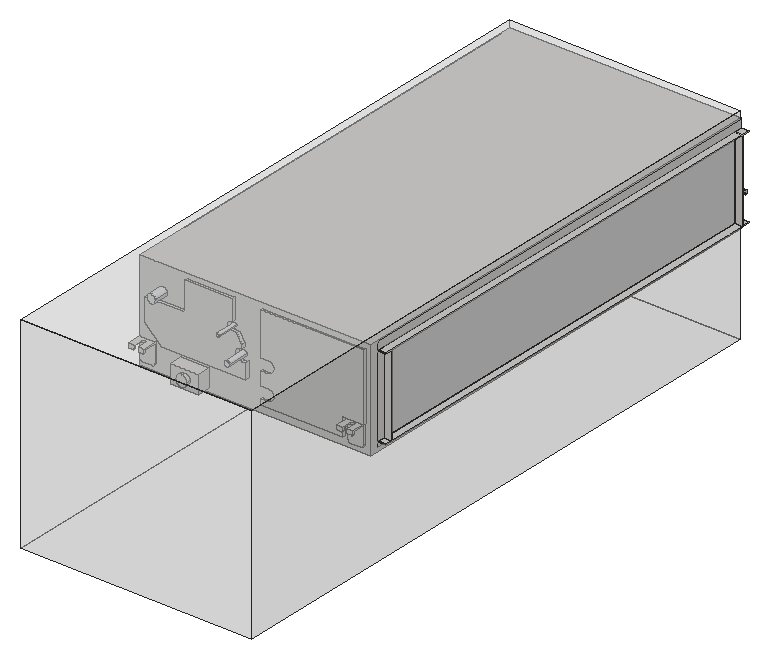
Revit family "outputfile", category 機械設備, Revit 2024
Family settings
  丸型コネクタ寸法 = 半径を使用
  パーツ タイプ = 標準
  OmniClass 番号 = 23.75.10.24.21.27.27
  OmniClass タイトル = Split System Air Conditioning Units
  作業面ベース = いいえ
  常に垂直 = はい
  ロード時にボイドで切り取り = いいえ
  注釈の向きを維持 = いいえ
  共有 = いいえ
  部屋計算ポイント = はい
Parameters (values of type "FXMQ140PAVS")
  Description = ""
  製造元 = "Daikin"
  書き出し IFC クラス(タイプ) = "IfcUnitaryEquipmentType"
  定義済み IFC タイプ(タイプ) = "AIRCONDITIONINGUNIT"
  Cost = 0
  モデル = "FXMQ140PAVS"
  Type Comments = ""
  Keynote = ""
  Type Image = (empty or 0)
  Assembly Code = ""
  r_Liquid Pipe Size = Liquid Pipe Size / 2  # 4.75 mm
  r_Gas Pipe Size = Gas Pipe Size / 2  # 7.95 mm
  r_Drain Pipe Size = Drain Pipe Size / 2  # 12.5 mm
  lw_power = 396.0 mm  # constant formula
  lh_SA = 165.0 mm  # constant formula
  lw_SA = if(Depth = 550.0 mm, 210.0 mm, if(Depth = 700.0 mm, 285.0 mm, if(Depth = 1000.0 mm, 435.0 mm, 635.0 mm)))  # 635.0 mm
  lw_RA = if(Depth = 550.0 mm, 288.0 mm, if(Depth = 700.0 mm, 363.0 mm, if(Depth = 1000.0 mm, 513.0 mm, 713.0 mm)))  # 713.0 mm
  lh_power = 60.0 mm + [h***]  # 60.0 mm
  lh_mountinghole1 = lh_mountinghole + [h***]  # 80.0 mm
  lh_RA = 150.0 mm  # constant formula
  ld_power = Depth / 2  # 700.0 mm
  Voltage_comment_50Hz = "220-240"
  Voltage_50Hz = 220 V
  URL = ""
  Supply Air Direction [instance] = yes
  Sound Power Level_H speed (dB) = 64
  Phase_50Hz = 1
  Minimum External Static Pressure = 50.00 Pa
  Minimum Circuit Amps_50Hz = 3.4 A
  Maximum Fuse Amps_50Hz = 16.0 A
  Maximum External Static Pressure = 140.00 Pa
  Material_Casing = DAIKIN_GalvanizedSteel_Casing_indoorunit
  lw_mountinghole = 631.0 mm  # constant formula
  lh_gaspipe = 144.0 mm + [h***]  # 144.0 mm
  lh_mountinghole = 80.0 mm  # constant formula
  lh_liquidpipe = 212.0 mm + [h***]  # 212.0 mm
  lh_drainpipe = 232.0 mm + [h***]  # 232.0 mm
  lh_antena = Height - lh_mountinghole + 1.0 mm  # 221.0 mm
  ld_drainpipe = Depth / 2 + 54.0 mm  # 754.0 mm
  ld_liquidpipe = 765.0 mm
  ld_gaspipe = 765.0 mm
  ld_mountinghole = Depth + 38.0 mm  # 1438.0 mm
  h*** = 0.0 mm  # constant formula
  lw_liquidpipe = 290.0 mm  # constant formula
  lw_gaspipe = 318.0 mm  # constant formula
  lw_drainpipe = 80.0 mm  # constant formula
  Width = 700.0 mm
  Version = "ver.1.0"
  Unit Type = "Middle-High Static Pressure Duct Type"
  Unit Mass Weight = 46.00 kg
  Unit Designation [instance] = ""
  Uniclass2015Version = "Products v1.30"
  Uniclass2015Title = "Variable refrigerant flow units"
  Uniclass2015Code = "Pr_70_65_03_94"
  Total Heating Capacity [instance] = 0.000 kW
  Total Cooling Capacity [instance] = 0.000 kW
  Sound Pressure Level_M speed (dBA) = 0
  Sound Pressure Level_L speed (dBA) = 43
  Sound Pressure Level_H speed (dBA) = 46
  Series = "VRV Fan Coil Unit"
  Sensible Cooling Capacity [instance] = 0.000 kW
  SA Duct Size Width = if(Depth = 550.0 mm, 310.0 mm, if(Depth = 700.0 mm, 460.0 mm, if(Depth = 1000.0 mm, 760.0 mm, 1160.0 mm)))  # 1160.0 mm
  SA Duct Size Height = 215.0 mm
  Refrigerant Type = "R410A"
  RA Duct Size Width = if(Depth = 550.0 mm, 475.0 mm, if(Depth = 700.0 mm, 625.0 mm, if(Depth = 1000.0 mm, 925.0 mm, 1325.0 mm)))  # 1325.0 mm
  RA Duct Size Height = 247.0 mm
  Power Input (Heating) = 0.449 kW
  Power Input (Cooling) = 0.461 kW
  Option Accessory 3 [instance] = ""
  Option Accessory 2 [instance] = ""
  Option Accessory 1 [instance] = ""
  Nominal Heating Capacity = 18.000 kW
  Nominal Cooling Capacity = 16.000 kW
  Minimum Airflow = 1920.00 m³/h
  Median Airflow = 2340.00 m³/h
  Maximum Airflow = 2760.00 m³/h
  Load Classification = HVAC
  Liquid Pipe Size = 9.5 mm
  Link_Nested Family [instance] = ""
  IfcVersion = "0"
  IfcExportType = "AIRCONDITIONINGUNIT"
  IfcExportAs = "IfcUnitaryEquipmentType"
  Height = 300.0 mm
  Heating Entering Wet Bulb Temperature [instance] = 0.00 °C
  Heating Entering Dry Bulb Temperature [instance] = 0.00 °C
  Heating Ambient Wet Bulb Temperature [instance] = 0.00 °C
  Heating Ambient Dry Bulb Temperature [instance] = 0.00 °C
  Heat Exchanger Type = "Cross Fin Coil"
  Gas Pipe Size = 15.9 mm
  Frequency_50Hz = 50 Hz
  Fan Type = "Sirocco Fan"
  Fan Drive = "Direct Drive"
  FCU Tag No. [instance] = ""
  Drain Pipe Size = 25.0 mm
  Design Supply Airflow [instance] = 0.00 m³/h
  Design Return Airflow [instance] = 0.00 m³/h
  Design External Static Pressure [instance] = 0.00 Pa
  Depth = 1400.0 mm
  既定の高さ = 0.0 mm
  Cooling Entering Wet Bulb Temperature [instance] = 0.00 °C
  Cooling Entering Dry Bulb Temperature [instance] = 0.00 °C
  Cooling Ambient Wet Bulb Temperature [instance] = 0.00 °C
  Cooling Ambient Dry Bulb Temperature [instance] = 0.00 °C
  Clearance visibility [instance] = yes
  Clearance Top = 20.0 mm
  Clearance Right = 0.0 mm
  Clearance Rear = 0.0 mm
  Clearance Left = 0.0 mm
  Clearance Front = 450.0 mm
  Clearance Bottom = 300.0 mm
Reference planes
  plane 1 "Center (Front/Back)": y = 0
  plane 2 "h": z = 0
  plane 3 "Center (Left/Right)": x = 0
  plane 4 "Back": y = 700
  plane 5 "Front": y = -700
  plane 6 "Left": x = -350
  plane 7 "Reight": x = 350
  plane 8 "Top": z = 0
  plane 9 "Bottom": z = -300
  plane 10: y = -215
  plane 11: y = 700
  plane 12: y = -1150
  plane 13: x = -350
  plane 14: x = 350
  plane 15: z = 20
  plane 16: z = -600
  plane 17: x = -350
  plane 18: z = -135
  plane 19: x = -349
  plane 20: x = 349
  plane 21: y = 65
  plane 22: y = 13
  plane 23: z = -150
  plane 24: y = -710.8
  plane 25: z = -14
  plane 26: z = -219
  plane 27: x = -324
  plane 28: x = -60
  plane 29: x = -20
  plane 30: z = -156
  plane 31: x = -32
  plane 32: z = -88
  plane 33: x = 23
  plane 34: x = 335
  plane 35: z = -15.8
  plane 36: z = -274.8
  plane 37: z = -219.8
  plane 38: x = 271
  plane 39: x = -223.3
  plane 40: x = -138.3
  plane 41: z = -232.7
  plane 42: z = -288.5
  plane 43: y = -741
  plane 44: x = -181
  plane 45: z = -260
  plane 46: y = -751
  plane 47: z = -163.8
  plane 48: z = -239.8
  plane 49: x = 46
  plane 50: z = -88
  plane 51: x = -60
  plane 52: y = -765
  plane 53: z = -156
  plane 54: x = -32
  plane 55: y = -754
  plane 56: z = -68
  plane 57: x = -270
  plane 58: x = -270
  plane 59: x = -60
  plane 60: x = -32
  plane 61: x = 46
  plane 62: x = -323
  plane 63: x = 308
  plane 64: y = -719
  plane 65: y = 719
  plane 66: z = -220
  plane 67: y = -706
  plane 68: x = -204
  plane 69: z = -100.2
  plane 70: x = -374
  plane 71: x = 374
Forms (mm)
  Extrusion 1, solid, material "DAIKIN_GalvanizedSteel_Casing_indoorunit" <- "Material_Casing"
    sketch origin (0, 0, 0) x (1, 0, 0) y (0, 1, 0)
      loop
        line (-349, 700) -> (-349, -700) -> (349, -700) -> (349, 700) -> (-349, 700)
    from -300 to 0
  Extrusion 2, solid, material "DAIKIN_GalvanizedSteel_Casing_indoorunit" <- "Material_Casing"
    sketch origin (0, 0, 0) x (1, 0, 0) y (0, 0, 1)
      loop
        line (-324, -100.2) -> (-324, -168) -> (-273, -219) -> (-20, -219) -> (-20, -173.5) -> (-32, -173.5)
        arc (-32, -173.5) -> (-49.5, -156) -> (-32, -138.5) r 17.5
        line (-32, -138.5) -> (-32, -127.5) -> (-47, -101) -> (-60, -101)
        arc (-60, -101) -> (-73, -88) -> (-60, -75) r 13
        line (-60, -75) -> (-60, -14) -> (-204, -14) -> (-204, -100.2) -> (-324, -100.2)
    from 700 to 710.8
  Extrusion 3, solid, material "DAIKIN_GalvanizedSteel_Casing_indoorunit" <- "Material_Casing"
    sketch origin (0, 0, 0) x (1, 0, 0) y (0, 0, 1)
      loop
        line (23, -274.8) -> (271, -274.8) -> (271, -219.8) -> (335, -219.8) -> (335, -15.8) -> (23, -15.8) -> (23, -146.3) -> (46, -146.3)
        arc (46, -146.3) -> (63.5, -163.8) -> (46, -181.3) r 17.5
        line (46, -181.3) -> (23, -181.3) -> (23, -222.3) -> (46, -222.3)
        arc (46, -222.3) -> (63.5, -239.8) -> (46, -257.3) r 17.5
        line (46, -257.3) -> (23, -257.3) -> (23, -274.8)
    from 700 to 706
  Extrusion 4, solid, material "DAIKIN_GalvanizedSteel_Casing_indoorunit" <- "Material_Casing"
    sketch origin (0, 0, 0) x (1, 0, 0) y (0, 0, 1)
      loop
        line (-223.3, -232.7) -> (-223.3, -288.5) -> (-138.3, -288.5) -> (-138.3, -232.7) -> (-223.3, -232.7)
    from 700 to 741
  Extrusion 5, solid, material "DAIKIN_GalvanizedSteel_Casing_indoorunit" <- "Material_Casing"
    sketch origin (0, 0, 0) x (1, 0, 0) y (0, 0, 1)
      loop
        circle (-181, -260) r 16.5
    from 741 to 751
  Extrusion 6, solid
    sketch origin (0, 0, 0) x (1, 0, 0) y (0, 0, 1)
      loop
        circle (-60, -88) r 4.75
    from 700 to 765
  Extrusion 7, solid
    sketch origin (0, 0, 0) x (1, 0, 0) y (0, 0, 1)
      loop
        circle (-32, -156) r 7.95
    from 700 to 765
  Extrusion 8, solid
    sketch origin (0, 0, 0) x (1, 0, 0) y (0, 0, 1)
      loop
        circle (-270, -68) r 12.5
    from 710.8 to 754
Dimensions and locks
  "Height": plane 8 "Top" to plane 9 "Bottom"
  equal spacing: plane 4 "Back", plane 1 "Center (Front/Back)", plane 5 "Front"
  "Depth": plane 4 "Back" to plane 5 "Front"
  equal spacing: plane 6 "Left", plane 3 "Center (Left/Right)", plane 7 "Reight"
  "Width": plane 6 "Left" to plane 7 "Reight"
  "Clearance Left": plane 13 to plane 6 "Left"
  "Clearance Right": plane 7 "Reight" to plane 14
  "Clearance Rear": plane 11 to plane 4 "Back"
  "Clearance Front": plane 5 "Front" to plane 12
  "Clearance Top": plane 15 to plane 8 "Top"
  "Clearance Bottom": plane 9 "Bottom" to plane 16
  "lh_SA": plane 18 to plane 9 "Bottom"
  locked: plane 17 to plane 19 at 1
  locked: plane 20 to plane 14 at 1
  "lw_SA": plane 11 to plane 21
  "lw_RA": plane 22 to plane 5 "Front"
  "lh_RA": plane 23 to plane 9 "Bottom"
  locked: plane 5 "Front" to plane 24 at 10.8
  plane 29 to plane 28 to plane 27 to plane 6 "Left" = 40.0 mm, 264.0 mm, 26.0 mm
  locked: plane 31 to plane 6 "Left" at 318
  plane 34 to plane 33 to plane 6 "Left" = 312.0 mm locked, 373.0 mm locked
  locked: plane 34 to plane 38 at 64
  locked: plane 37 to plane 36 at 55
  plane 40 to plane 39 to plane 6 "Left" = 85.0 mm locked, 126.7 mm locked
  locked: plane 5 "Front" to plane 43 at 41
  locked: plane 44 to plane 6 "Left" at 169
  locked: plane 43 to plane 46 at 10
  plane 47 to plane 48 to plane 36 = 76.0 mm locked, 35.0 mm locked
  locked: plane 49 to plane 33 at 23
  "lw_liquidpipe": plane 51 to plane 6 "Left"
  "lh_liquidpipe": plane 50 to plane 9 "Bottom"
  "lh_gaspipe": plane 53 to plane 9 "Bottom"
  "lw_gaspipe": plane 54 to plane 6 "Left"
  "ld_gaspipe": plane 52 to plane 1 "Center (Front/Back)"
  "ld_drainpipe": plane 55 to plane 1 "Center (Front/Back)"
  "lh_drainpipe": plane 56 to plane 9 "Bottom"
  "lw_drainpipe": plane 57 to plane 6 "Left"
  "lw_drainpipe": plane 6 "Left" to plane 58
  "lw_liquidpipe": plane 6 "Left" to plane 59
  "lw_gaspipe": plane 6 "Left" to plane 60
  "lw_power": plane 6 "Left" to plane 61
  plane 17 to plane 62 = 27.0 mm
  "lw_mountinghole": plane 62 to plane 63
  equal spacing: plane 64, plane 1 "Center (Front/Back)", plane 65
  "ld_mountinghole": plane 65 to plane 64
  "lh_mountinghole": plane 66 to plane 9 "Bottom"
  plane 8 "Top" to plane 41 to plane 42 = 232.7 mm locked, 55.8 mm locked
  locked: plane 8 "Top" to plane 45 at 260
  plane 8 "Top" to plane 25 to plane 26 = 14.0 mm locked, 205.0 mm locked
  plane 8 "Top" to plane 32 to plane 30 = 88.0 mm locked, 68.0 mm locked
  plane 8 "Top" to plane 35 to plane 36 = 15.8 mm locked, 259.0 mm locked
  locked: plane 5 "Front" to plane 67 at 6
  locked: plane 25 to plane 69 at 86.2
  locked: plane 27 to plane 68 at 120
  locked: plane 70 to plane 6 "Left" at 24
  locked: plane 14 to plane 71 at 24
  "r_Liquid Pipe Size": radius of Extrusion 6 sketch curve
  "r_Gas Pipe Size": radius of Extrusion 7 sketch curve
  "r_Drain Pipe Size": radius of Extrusion 8 sketch curve
  aligned and locked: level to plane 2 "h"
  aligned and locked: plane 8 "Top" to Extrusion 1
  aligned and locked: Extrusion 1 to plane 9 "Bottom"
  aligned and locked: nested 5 to plane 12
  aligned and locked: plane 13 to nested 5
  aligned and locked: plane 14 to nested 5
  aligned and locked: nested 5 to plane 13
  aligned and locked: plane 11 to nested 5
  aligned and locked: plane 15 to nested 5
  aligned and locked: plane 16 to nested 5
  aligned and locked: plane 5 "Front" to Extrusion 1 sketch curve
  aligned and locked: Extrusion 1 to plane 19
  aligned and locked: plane 20 to Extrusion 1
  aligned and locked: nested 7 to plane 19
  aligned and locked: nested 7 to plane 21
  aligned and locked: plane 18 to nested 7
  aligned and locked: plane 20 to nested 8
  aligned and locked: plane 22 to nested 8
  aligned and locked: plane 23 to nested 8
  aligned and locked: Extrusion 2 to plane 24
  aligned and locked: plane 5 "Front" to Extrusion 2
  aligned and locked: plane 36 to Extrusion 3 sketch curve
  aligned and locked: plane 38 to Extrusion 3 sketch curve
  aligned and locked: plane 37 to Extrusion 3 sketch curve
  aligned and locked: Extrusion 3 sketch curve to plane 34
  aligned and locked: Extrusion 3 sketch curve to plane 35
  aligned and locked: Extrusion 3 sketch curve to plane 33
  aligned and locked: plane 5 "Front" to Extrusion 3
  aligned and locked: Extrusion 4 sketch curve to plane 41
  aligned and locked: Extrusion 4 sketch curve to plane 39
  aligned and locked: plane 42 to Extrusion 4 sketch curve
  aligned and locked: plane 40 to Extrusion 4 sketch curve
  aligned and locked: Extrusion 4 to plane 43
  aligned and locked: plane 5 "Front" to Extrusion 4
  aligned and locked: Extrusion 5 sketch curve to plane 44
  aligned and locked: plane 45 to Extrusion 5 sketch curve
  aligned and locked: Extrusion 5 to plane 46
  aligned and locked: plane 43 to Extrusion 5
  aligned and locked: Extrusion 6 sketch curve to plane 51
  aligned and locked: plane 50 to Extrusion 6 sketch curve
  aligned and locked: Extrusion 6 to plane 52
  aligned and locked: plane 5 "Front" to Extrusion 6
  aligned and locked: Extrusion 7 sketch curve to plane 54
  aligned and locked: plane 53 to Extrusion 7 sketch curve
  aligned and locked: Extrusion 7 to Extrusion 6
  aligned and locked: plane 5 "Front" to Extrusion 7
  aligned and locked: Extrusion 8 sketch curve to plane 57
  aligned and locked: plane 56 to Extrusion 8 sketch curve
  aligned and locked: Extrusion 8 to plane 55
  aligned and locked: plane 24 to Extrusion 8
  aligned and locked: nested 3 to plane 55
  aligned and locked: nested 3 to plane 58
  aligned and locked: nested 2 to plane 59
  aligned and locked: nested 2 to plane 52
  aligned and locked: nested 1 to plane 60
  aligned and locked: Extrusion 7 to plane 52
  aligned and locked: nested 1 to plane 52
  aligned and locked: nested 6 to plane 5 "Front"
  aligned and locked: nested 6 to plane 61
  aligned and locked: plane 62 to nested 10
  aligned and locked: nested 10 to plane 5 "Front"
  aligned and locked: plane 63 to nested 9
  aligned and locked: nested 9 to plane 5 "Front"
  aligned and locked: nested 11 to plane 62
  aligned and locked: plane 4 "Back" to nested 11
  aligned and locked: nested 12 to plane 63
  aligned and locked: plane 4 "Back" to nested 12
  aligned and locked: plane 66 to nested 10
  aligned and locked: plane 66 to nested 11
  aligned and locked: plane 66 to nested 9
  aligned and locked: plane 66 to nested 12
  aligned and locked: plane 62 to nested 14
  aligned and locked: nested 14 to plane 65
  aligned and locked: plane 63 to nested 13
  aligned and locked: nested 13 to plane 65
  aligned and locked: plane 63 to nested 16
  aligned and locked: plane 64 to nested 16
  aligned and locked: plane 64 to nested 15
  aligned and locked: plane 62 to nested 15
  aligned and locked: Extrusion 3 to plane 67
  aligned and locked: Extrusion 2 sketch curve to plane 68
  aligned and locked: plane 69 to Extrusion 2 sketch curve
  aligned and locked: nested 17 to plane 21
  aligned and locked: nested 17 to plane 70
  aligned and locked: plane 18 to nested 17
  aligned and locked: plane 22 to nested 18
  aligned and locked: plane 71 to nested 18
  aligned and locked: nested 18 to plane 23
  aligned and locked: nested 4 to plane 3 "Center (Left/Right)"
  aligned and locked: plane 1 "Center (Front/Back)" to nested 4
  aligned and locked: level to plane 8 "Top"
Automatic sketch dimensions
  plane 6 "Left" to Extrusion 1 sketch curve = 1.0 mm
  Extrusion 1 sketch curve to plane 7 "Reight" = 1.0 mm
  Extrusion 1 sketch curve to plane 4 "Back" = 0.0 mm
  Extrusion 3 sketch curve to plane 33 = 0.0 mm  (x2)
  Extrusion 3 sketch curve to plane 47 = 0.0 mm
  Extrusion 3 sketch curve to plane 49 = 0.0 mm  (x4)
  Extrusion 3 sketch curve to plane 48 = 0.0 mm
  Extrusion 3 sketch curve to plane 37 = 2.5 mm
  plane 23 to Extrusion 3 sketch curve = 3.7 mm
  plane 27 to Extrusion 2 sketch curve = 0.0 mm
  Extrusion 2 sketch curve to plane 26 = 0.0 mm
  Extrusion 2 sketch curve to plane 28 = 0.0 mm
  Extrusion 2 sketch curve to plane 31 = 0.0 mm
  Extrusion 2 sketch curve to plane 29 = 0.0 mm
  Extrusion 2 sketch curve to plane 30 = 0.0 mm
  Extrusion 2 sketch curve to plane 32 = 0.0 mm
  Extrusion 2 sketch curve to plane 25 = 0.0 mm
  Extrusion 2 sketch curve to Extrusion 2 sketch curve = 13.0 mm
  Extrusion 2 sketch curve to Extrusion 2 sketch curve = 17.5 mm
  plane 18 to Extrusion 2 sketch curve = 7.5 mm
  Extrusion 2 sketch curve to plane 58 = 3.0 mm
  Extrusion 2 sketch curve to plane 30 = 12.0 mm
  Extrusion 2 sketch curve to Extrusion 2 sketch curve = 0.8 mm
  radius of Extrusion 5 sketch curve = 16.5 mm
Nested families
  nested 1: "daikin_connector_rotate2" at (-32, 0, -156), length <- "ld_gaspipe", built-in parameter 1001364 <- "lh_gaspipe", radius <- "r_Gas Pipe Size", type "daikin_connector_rotate2"
    with radius 7.95 mm, length 765.0 mm, angle_vertical 90.00°
  nested 2: "daikin_connector_rotate2" at (-60, 0, -88), length <- "ld_liquidpipe", built-in parameter 1001364 <- "lh_liquidpipe", radius <- "r_Liquid Pipe Size", type "daikin_connector_rotate2"
    with radius 4.75 mm, length 765.0 mm, angle_vertical 90.00°
  nested 3: "daikin_connector_rotate2" at (-270, 0, -68), length <- "ld_drainpipe", built-in parameter 1001364 <- "lh_drainpipe", radius <- "r_Drain Pipe Size", type "daikin_connector_rotate2"
    with radius 12.5 mm, length 754.0 mm, angle_vertical 90.00°
  nested 4: "daikin_△_symbolicline" at (0, 0, 300) x (0, -1, 0) z (0, 0, 1), built-in parameter 1001364 <- "Height", visible <- "Supply Air Direction", type "daikin_△_symbolicline"
    with length 200.0 mm
  nested 5: "daikin_clearancespace" at (0, -225, -289.881), visible <- "Clearance visibility", show <- "Clearance visibility", Link_Nested Family <- "Link_Nested Family", type "daikin_clearancespace"
    with width 700.0 mm, show yes, height 620.0 mm, depth 1850.0 mm, Link_Nested Family ""
  nested 6: "daikin_connector_rotate2" at (46, 0, -240), built-in parameter 1001364 <- "lh_power", length <- "ld_power", type "daikin_connector_rotate2"
    with radius 10.0 mm, length 700.0 mm, angle_vertical 90.00°
  nested 7: "daikin_ductflange_FXMQ-PAVS2" at (-349, 65, -135) x (0, -1, 0) z (0, 0, 1), type "daikin_ductflange_FXMQ-PAVS2"
    with width 1160.0 mm, w 1400.0 mm
  nested 8: "daikin_ductflange_FXMQ-PAVS" at (349, 13, -150) x (0, 1, 0) z (0, 0, 1), type "daikin_ductflange_FXMQ-PAVS"
    with width 1325.0 mm, w 1400.0 mm
  nested 9: "daikin_hangerfixture_FXMQ-PAVS" at (308, -700, -220), type "daikin_hangerfixture_FXMQ-PAVS"
  nested 10: "daikin_hangerfixture_FXMQ-PAVS" at (-323, -700, -220), type "daikin_hangerfixture_FXMQ-PAVS"
  nested 11: "daikin_hangerfixture_FXMQ-PAVS" at (-323, 700, -220) x (-1, 0, 0) z (0, 0, 1), type "daikin_hangerfixture_FXMQ-PAVS"
  nested 12: "daikin_hangerfixture_FXMQ-PAVS" at (308, 700, -220) x (-1, 0, 0) z (0, 0, 1), type "daikin_hangerfixture_FXMQ-PAVS"
  nested 13: "daikin_mountinghole" at (308, 719, -300), h_mountinghole <- "lh_mountinghole1", l_antenna <- "lh_antena", Link_Nested Family <- "Link_Nested Family", type "daikin_mountinghole"
    with show yes, l_antenna 221.0 mm, h_mountinghole 80.0 mm, Link_Nested Family ""
  nested 14: "daikin_mountinghole" at (-323, 719, -300), h_mountinghole <- "lh_mountinghole1", l_antenna <- "lh_antena", Link_Nested Family <- "Link_Nested Family", type "daikin_mountinghole"
    with show yes, l_antenna 221.0 mm, h_mountinghole 80.0 mm, Link_Nested Family ""
  nested 15: "daikin_mountinghole" at (-323, -719, -300), h_mountinghole <- "lh_mountinghole1", l_antenna <- "lh_antena", Link_Nested Family <- "Link_Nested Family", type "daikin_mountinghole"
    with show yes, l_antenna 221.0 mm, h_mountinghole 80.0 mm, Link_Nested Family ""
  nested 16: "daikin_mountinghole" at (308, -719, -300), h_mountinghole <- "lh_mountinghole1", l_antenna <- "lh_antena", Link_Nested Family <- "Link_Nested Family", type "daikin_mountinghole"
    with show yes, l_antenna 221.0 mm, h_mountinghole 80.0 mm, Link_Nested Family ""
  nested 17: "daikin_connector_rotate2" at (-350, 65, -135) x (0, -1, 0) z (0, 0, 1), type "daikin_connector_rotate2"
    with radius 10.0 mm, length 24.0 mm, angle_vertical 90.00°
  nested 18: "daikin_connector_rotate2" at (350, 13, -150) x (0, 1, 0) z (0, 0, 1), type "daikin_connector_rotate2"
    with radius 10.0 mm, length 24.0 mm, angle_vertical 90.00°
Connectors
  piping at (-270, -754, -68), diameter 25, driven by "r_Drain Pipe Size"
    settings: on nested 3, index 3, connector inside diameter 609.6 mm, connector length 0.0 mm, flow factor 0, pipe flow 0.00 m³/h, pressure drop 0.0 Pa, fitting loss kfactor 0, connector angle 0.00°, fixture units 0, engagement length 0.0 mm, angle of deflection 0.00°, flow configuration 1, flow direction 2, fitting loss method 4, system type 16, joint type 0, gender type 0, connector reference index -1, connector utility 0, adjustable connector no, is connector primary yes, connector description "Condensate Drain Piping"
  piping at (-32, -765, -156), diameter 15.9, driven by "r_Gas Pipe Size"
    settings: on nested 1, index 4, connector inside diameter 609.6 mm, connector length 0.0 mm, flow factor 0, pipe flow 0.00 m³/h, pressure drop 0.0 Pa, fitting loss kfactor 0, connector angle 0.00°, fixture units 0, engagement length 0.0 mm, angle of deflection 0.00°, flow configuration 1, flow direction 2, fitting loss method 0, system type 29, joint type 0, gender type 0, connector reference index -1, connector utility 0, adjustable connector no, is connector primary no, connector description "Refrigerant Gas Piping"
  piping at (-60, -765, -88), diameter 9.5, driven by "r_Liquid Pipe Size"
    settings: on nested 2, index 5, connector inside diameter 609.6 mm, connector length 0.0 mm, flow factor 0, pipe flow 0.00 m³/h, pressure drop 0.0 Pa, fitting loss kfactor 0, connector angle 0.00°, fixture units 0, engagement length 0.0 mm, angle of deflection 0.00°, flow configuration 1, flow direction 1, fitting loss method 0, system type 29, joint type 0, gender type 0, connector reference index -1, connector utility 0, adjustable connector no, is connector primary no, connector description "Refrigerant Liquid Piping"
  electrical at (46, -700, -240), driven by "Load Classification"
    settings: on nested 6, index 6, voltage 0 V, apparent load 0 VA, apparent load phase1 0 VA, apparent load phase2 0 VA, apparent load phase3 0 VA, power factor 1, load classification "HVAC", number of poles 1, system type 30, power factor state 1, is connector primary yes, connector utility no, sub classification motor no, connector description "Power Supply"
  hvac at (-374, 65, -135), driven by "SA Duct Size Height", driven by "SA Duct Size Width"
    settings: on nested 17, index 7, duct flow 0.00 m³/h, flow factor 0, pres drop 0.00 Pa, loss coef 0, conn angle 0.00°, conn width 1160.0 mm, conn height 215.0 mm, conn diameter 609.6 mm, duct sys type 1, conn prof type 1, flow config 0, flow direction 2, loss method 4, conn ref index -1, conn util no, is conn primary yes, conn desc "SA Duct"
  hvac at (374, 13, -150), driven by "RA Duct Size Height", driven by "RA Duct Size Width"
    settings: on nested 18, index 8, duct flow 0.00 m³/h, flow factor 0, pres drop 0.00 Pa, loss coef 0, conn angle 0.00°, conn width 1325.0 mm, conn height 247.0 mm, conn diameter 609.6 mm, duct sys type 2, conn prof type 1, flow config 0, flow direction 1, loss method 4, conn ref index -1, conn util no, is conn primary no, conn desc "RA Duct"
Definition of nested family "daikin_clearancespace"
  Parameters (values of type "daikin_clearancespace")
    width [instance] = 1823.963 mm
    show [instance] = yes
    material = none
    height [instance] = 1359.762 mm
    depth [instance] = 880.0 mm
    Default Elevation = 0.0 mm
    Link_Nested Family [instance] = ""
  Reference planes
    plane 1 "Center (Front/Back)": y = 0
    plane 2 "Center (Elevation)": z = -0.119
    plane 3 "Center (Left/Right)": x = 0
    plane 4: y = 440
    plane 5: y = -440
    plane 6 "Right": x = 911.982
    plane 7 "Left": x = -911.982
    plane 8 "Top": z = 679.762
    plane 9 "Bottom": z = -680
  Forms (mm)
    Extrusion 1, solid, material <- "material", visible <- "show"
      sketch origin (0, 0, 0) x (1, 0, 0) y (0, 1, 0)
        loop
          line (-911.982, 440) -> (-911.982, -440) -> (911.982, -440) -> (911.982, 440) -> (-911.982, 440)
      from -680 to 679.762
  Lines and regions (mm)
    symbolic lines, visible <- "show"
      curve 1: line (911.982, 440, 0) -> (-911.982, 440, 0)
      curve 2: line (-911.982, 440, 0) -> (-911.982, -440, 0)
      curve 3: line (-911.982, -440, 0) -> (911.982, -440, 0)
      curve 4: line (911.982, -440, 0) -> (911.982, 440, 0)
      curve 5: line (911.982, 0, 679.762) -> (-911.982, 0, 679.762)
      curve 6: line (911.982, 0, -680) -> (911.982, 0, 679.762)
      curve 7: line (-911.982, 0, -680) -> (911.982, 0, -680)
      curve 8: line (-911.982, 0, 679.762) -> (-911.982, 0, -680)
      curve 9: line (0, 440, 679.762) -> (0, -440, 679.762)
      curve 10: line (0, -440, 679.762) -> (0, -440, -680)
      curve 11: line (0, 440, -680) -> (0, 440, 679.762)
      curve 12: line (0, -440, -680) -> (0, 440, -680)
  Dimensions and locks
    "width": plane 7 "Left" to plane 6 "Right"
    "depth": plane 4 to plane 5
    "height": plane 8 "Top" to plane 9 "Bottom"
    equal spacing: plane 7 "Left", plane 3 "Center (Left/Right)", plane 6 "Right"
    equal spacing: plane 4, plane 1 "Center (Front/Back)", plane 5
    equal spacing: plane 8 "Top", plane 2 "Center (Elevation)", plane 9 "Bottom"
    aligned and locked: level to plane 2 "Center (Elevation)"
    aligned and locked: Extrusion 1 sketch curve to plane 4
    aligned and locked: plane 7 "Left" to Extrusion 1 sketch curve
    aligned and locked: Extrusion 1 sketch curve to plane 5
    aligned and locked: Extrusion 1 sketch curve to plane 6 "Right"
    aligned and locked: plane 8 "Top" to Extrusion 1
    aligned and locked: curve 1 to Extrusion 1
    aligned and locked: curve 2 to Extrusion 1
    aligned and locked: curve 3 to Extrusion 1
    aligned and locked: curve 4 to Extrusion 1
    aligned and locked: curve 5 to Extrusion 1
    aligned and locked: curve 6 to Extrusion 1
    aligned and locked: curve 7 to Extrusion 1
    aligned and locked: curve 8 to Extrusion 1
    aligned and locked: curve 9 to Extrusion 1
    aligned and locked: curve 10 to Extrusion 1
    aligned and locked: curve 11 to Extrusion 1
    aligned and locked: curve 12 to Extrusion 1
    aligned and locked: Extrusion 1 to plane 9 "Bottom"
Definition of nested family "daikin_ductflange_FXMQ-PAVS2"
  Parameters (values of type "daikin_ductflange_FXDSQ-AVM2")
    width = if(w = 550.0 mm, 310.0 mm, if(w = 700.0 mm, 460.0 mm, if(w = 1000.0 mm, 760.0 mm, 1160.0 mm)))  # 310.0 mm
    material = none
    height = 215.0 mm
    depth = 1.0 mm
    w = 550.0 mm
    Default Elevation = 0.0 mm
  Reference planes
    plane 1 "Center (Front/Back)": y = 0
    plane 2: z = 0
    plane 3 "Center (Left/Right)": x = 0
    plane 4: z = 107.5
    plane 5: z = -107.5
    plane 6: y = -25
    plane 7: z = 132.5
    plane 8: z = 108.5
    plane 9: y = -1
    plane 10: x = -177.5
    plane 11: x = 177.5
    plane 12: z = -132.5
    plane 13: z = -108.5
    plane 14: y = -1
    plane 15: x = 155
    plane 16: x = -155
    plane 17: x = 156
    plane 18: z = 106.5
    plane 19: z = -106.5
    plane 20: x = -156
    plane 21: z = 106.5
    plane 22: z = -106.5
    plane 23: y = -1
  Forms (mm)
    Extrusion 1, solid, material <- "material"
      sketch origin (0, 0, 0) x (0, 1, 0) y (0, 0, 1)
        loop
          line (-25, 107.5) -> (0, 107.5) -> (0, 132.5) -> (-1, 132.5) -> (-1, 108.5) -> (-25, 108.5) -> (-25, 107.5)
      from -177.5 to 177.5
    Extrusion 2, solid, material <- "material"
      sketch origin (0, 0, 0) x (0, 1, 0) y (0, 0, 1)
        loop
          line (-25, -107.5) -> (-25, -108.5) -> (-1, -108.5) -> (-1, -132.5) -> (0, -132.5) -> (0, -107.5) -> (-25, -107.5)
      from -177.5 to 177.5
    Extrusion 3, solid, material <- "material"
      sketch origin (0, 0, 0) x (1, 0, 0) y (0, 0, 1)
        loop
          line (155, 107.5) -> (155, -107.5) -> (177.5, -107.5) -> (177.5, -106.5) -> (156, -106.5) -> (156, 106.5) -> (177.5, 106.5) -> (177.5, 107.5) -> (155, 107.5)
      from 0 to 25
    Extrusion 4, solid, material <- "material"
      sketch origin (0, 0, 0) x (1, 0, 0) y (0, 0, 1)
        loop
          line (-177.5, 107.5) -> (-177.5, 106.5) -> (-156, 106.5) -> (-156, -106.5) -> (-177.5, -106.5) -> (-177.5, -107.5) -> (-155, -107.5) -> (-155, 107.5) -> (-177.5, 107.5)
      from 0 to 25
    Extrusion 5, solid, material <- "material"
      sketch origin (0, 0, 0) x (1, 0, 0) y (0, 0, 1)
        loop
          line (-177.5, 107.5) -> (-177.5, -107.5) -> (-155, -107.5) -> (-155, 107.5) -> (-177.5, 107.5)
        loop
          line (177.5, 107.5) -> (155, 107.5) -> (155, -107.5) -> (177.5, -107.5) -> (177.5, 107.5)
      from 0 to 1
  Cuts and joins
    joined: Extrusion 1, Extrusion 2, Extrusion 3, Extrusion 4, Extrusion 5
  Dimensions and locks
    plane 4 to level to plane 5 = 107.5 mm locked, 107.5 mm locked
    locked: plane 6 to plane 1 "Center (Front/Back)" at 25
    locked: plane 9 to plane 1 "Center (Front/Back)" at 1
    locked: plane 8 to plane 4 at 1
    locked: plane 11 to plane 15 at 22.5
    locked: plane 16 to plane 10 at 22.5
    locked: plane 17 to plane 15 at 1
    locked: plane 4 to plane 18 at 1
    locked: plane 19 to plane 5 at 1
    "width": plane 15 to plane 16
    plane 4 to plane 5 = 215.0 mm
    equal spacing: plane 15, plane 3 "Center (Left/Right)", plane 16
    locked: plane 16 to plane 20 at 1
    locked: plane 4 to plane 21 at 1
    locked: plane 22 to plane 5 at 1
    locked: plane 23 to plane 1 "Center (Front/Back)" at 1
    aligned and locked: level to plane 2
    aligned and locked: Extrusion 1 to plane 10
    aligned and locked: plane 11 to Extrusion 1
    aligned and locked: plane 5 to Extrusion 2
    aligned and locked: Extrusion 2 to plane 1 "Center (Front/Back)"
    aligned and locked: plane 15 to Extrusion 3 sketch curve
    aligned and locked: Extrusion 3 sketch curve to Extrusion 2  (x2)
    aligned and locked: Extrusion 3 sketch curve to plane 11
    aligned and locked: plane 6 to Extrusion 3
    aligned and locked: Extrusion 2 to plane 10
    aligned and locked: plane 11 to Extrusion 2
    aligned and locked: Extrusion 4 sketch curve to Extrusion 1  (x2)
    aligned and locked: plane 5 to Extrusion 4 sketch curve
    aligned and locked: Extrusion 4 sketch curve to plane 16
    aligned and locked: Extrusion 4 sketch curve to plane 22
    aligned and locked: plane 20 to Extrusion 4 sketch curve
    aligned and locked: plane 21 to Extrusion 4 sketch curve
    aligned and locked: Extrusion 4 to plane 1 "Center (Front/Back)"
    aligned and locked: plane 6 to Extrusion 4
    aligned and locked: Extrusion 5 sketch curve to Extrusion 1  (x4)
    aligned and locked: Extrusion 5 sketch curve to Extrusion 4  (x2)
    aligned and locked: Extrusion 5 sketch curve to Extrusion 3  (x2)
    aligned and locked: Extrusion 5 to plane 1 "Center (Front/Back)"
    aligned and locked: plane 23 to Extrusion 5
  Automatic sketch dimensions
    Extrusion 1 sketch curve to plane 6 = 0.0 mm
    Extrusion 1 sketch curve to plane 7 = 0.0 mm
    Extrusion 1 sketch curve to plane 9 = 0.0 mm
    Extrusion 1 sketch curve to plane 1 "Center (Front/Back)" = 0.0 mm
    Extrusion 1 sketch curve to plane 4 = 0.0 mm
    Extrusion 1 sketch curve to plane 8 = 0.0 mm
    Extrusion 2 sketch curve to plane 6 = 0.0 mm
    plane 12 to Extrusion 2 sketch curve = 0.0 mm
    Extrusion 2 sketch curve to plane 14 = 0.0 mm
    Extrusion 2 sketch curve to plane 1 "Center (Front/Back)" = 0.0 mm
    plane 13 to Extrusion 2 sketch curve = 0.0 mm
    Extrusion 2 sketch curve to plane 5 = 0.0 mm
    Extrusion 3 sketch curve to plane 17 = 0.0 mm
    Extrusion 3 sketch curve to plane 19 = 0.0 mm
    Extrusion 3 sketch curve to plane 18 = 0.0 mm
    Extrusion 3 sketch curve to plane 4 = 0.0 mm
    Extrusion 4 sketch curve to plane 10 = 0.0 mm
Definition of nested family "daikin_ductflange_FXMQ-PAVS"
  Parameters (values of type "daikin_ductflange_FXDSQ-AVM")
    width = if(w = 550.0 mm, 475.0 mm, if(w = 700.0 mm, 625.0 mm, if(w = 1000.0 mm, 925.0 mm, 1325.0 mm)))  # 475.0 mm
    material = none
    height = 247.0 mm
    depth = 1.0 mm
    w = 550.0 mm
    Default Elevation = 0.0 mm
  Reference planes
    plane 1 "Center (Front/Back)": y = 0
    plane 2: z = 0
    plane 3 "Center (Left/Right)": x = 0
    plane 4: z = 123.5
    plane 5: z = -123.5
    plane 6: y = -25
    plane 7: z = 146.5
    plane 8: z = 124.5
    plane 9: y = -1
    plane 10: x = -260
    plane 11: x = 260
    plane 12: z = -137
    plane 13: z = -124.5
    plane 14: y = -1
    plane 15: x = 237.5
    plane 16: x = -237.5
    plane 17: x = 238.5
    plane 18: z = 122.5
    plane 19: z = -122.5
    plane 20: x = -238.5
    plane 21: z = 122.5
    plane 22: z = -122.5
    plane 23: y = -1
  Forms (mm)
    Extrusion 1, solid, material <- "material"
      sketch origin (0, 0, 0) x (0, 1, 0) y (0, 0, 1)
        loop
          line (-25, 123.5) -> (0, 123.5) -> (0, 146.5) -> (-1, 146.5) -> (-1, 124.5) -> (-25, 124.5) -> (-25, 123.5)
      from -260 to 260
    Extrusion 2, solid, material <- "material"
      sketch origin (0, 0, 0) x (0, 1, 0) y (0, 0, 1)
        loop
          line (-25, -123.5) -> (-25, -124.5) -> (-1, -124.5) -> (-1, -137) -> (0, -137) -> (0, -123.5) -> (-25, -123.5)
      from -260 to 260
    Extrusion 3, solid, material <- "material"
      sketch origin (0, 0, 0) x (1, 0, 0) y (0, 0, 1)
        loop
          line (237.5, 123.5) -> (237.5, -123.5) -> (260, -123.5) -> (260, -122.5) -> (238.5, -122.5) -> (238.5, 122.5) -> (260, 122.5) -> (260, 123.5) -> (237.5, 123.5)
      from 0 to 25
    Extrusion 4, solid, material <- "material"
      sketch origin (0, 0, 0) x (1, 0, 0) y (0, 0, 1)
        loop
          line (-260, 123.5) -> (-260, 122.5) -> (-238.5, 122.5) -> (-238.5, -122.5) -> (-260, -122.5) -> (-260, -123.5) -> (-237.5, -123.5) -> (-237.5, 123.5) -> (-260, 123.5)
      from 0 to 25
    Extrusion 5, solid, material <- "material"
      sketch origin (0, 0, 0) x (1, 0, 0) y (0, 0, 1)
        loop
          line (-260, 123.5) -> (-260, -123.5) -> (-237.5, -123.5) -> (-237.5, 123.5) -> (-260, 123.5)
        loop
          line (260, 123.5) -> (237.5, 123.5) -> (237.5, -123.5) -> (260, -123.5) -> (260, 123.5)
      from 0 to 1
  Cuts and joins
    joined: Extrusion 1, Extrusion 2, Extrusion 3, Extrusion 4, Extrusion 5
  Dimensions and locks
    plane 4 to level to plane 5 = 123.5 mm, 123.5 mm
    locked: plane 6 to plane 1 "Center (Front/Back)" at 25
    locked: plane 9 to plane 1 "Center (Front/Back)" at 1
    locked: plane 8 to plane 4 at 1
    locked: plane 11 to plane 15 at 22.5
    locked: plane 16 to plane 10 at 22.5
    locked: plane 17 to plane 15 at 1
    locked: plane 4 to plane 18 at 1
    locked: plane 19 to plane 5 at 1
    "width": plane 15 to plane 16
    equal spacing: plane 15, plane 3 "Center (Left/Right)", plane 16
    locked: plane 16 to plane 20 at 1
    locked: plane 4 to plane 21 at 1
    locked: plane 22 to plane 5 at 1
    locked: plane 23 to plane 1 "Center (Front/Back)" at 1
    equal spacing: plane 4, level, plane 5
    locked: plane 7 to plane 4 at 23
    locked: plane 5 to plane 12 at 13.5
    locked: plane 1 "Center (Front/Back)" to plane 14 at 1
    locked: plane 5 to plane 13 at 1
    locked: plane 4 to plane 5 at 247
    aligned and locked: level to plane 2
    aligned and locked: Extrusion 1 to plane 10
    aligned and locked: plane 11 to Extrusion 1
    aligned and locked: plane 5 to Extrusion 2
    aligned and locked: Extrusion 2 to plane 1 "Center (Front/Back)"
    aligned and locked: plane 15 to Extrusion 3 sketch curve
    aligned and locked: Extrusion 3 sketch curve to Extrusion 2  (x2)
    aligned and locked: Extrusion 3 sketch curve to plane 11
    aligned and locked: plane 6 to Extrusion 3
    aligned and locked: Extrusion 2 to plane 10
    aligned and locked: plane 11 to Extrusion 2
    aligned and locked: Extrusion 4 sketch curve to Extrusion 1  (x2)
    aligned and locked: plane 5 to Extrusion 4 sketch curve
    aligned and locked: Extrusion 4 sketch curve to plane 16
    aligned and locked: Extrusion 4 sketch curve to plane 22
    aligned and locked: plane 20 to Extrusion 4 sketch curve
    aligned and locked: plane 21 to Extrusion 4 sketch curve
    aligned and locked: Extrusion 4 to plane 1 "Center (Front/Back)"
    aligned and locked: plane 6 to Extrusion 4
    aligned and locked: Extrusion 5 sketch curve to Extrusion 1  (x4)
    aligned and locked: Extrusion 5 sketch curve to Extrusion 4  (x2)
    aligned and locked: Extrusion 5 sketch curve to Extrusion 3  (x2)
    aligned and locked: Extrusion 5 to plane 1 "Center (Front/Back)"
    aligned and locked: plane 23 to Extrusion 5
  Automatic sketch dimensions
    Extrusion 1 sketch curve to plane 6 = 0.0 mm
    Extrusion 1 sketch curve to plane 7 = 0.0 mm
    Extrusion 1 sketch curve to plane 9 = 0.0 mm
    Extrusion 1 sketch curve to plane 1 "Center (Front/Back)" = 0.0 mm
    Extrusion 1 sketch curve to plane 4 = 0.0 mm
    Extrusion 1 sketch curve to plane 8 = 0.0 mm
    Extrusion 2 sketch curve to plane 6 = 0.0 mm
    plane 12 to Extrusion 2 sketch curve = 0.0 mm
    Extrusion 2 sketch curve to plane 14 = 0.0 mm
    Extrusion 2 sketch curve to plane 1 "Center (Front/Back)" = 0.0 mm
    plane 13 to Extrusion 2 sketch curve = 0.0 mm
    Extrusion 2 sketch curve to plane 5 = 0.0 mm
    Extrusion 3 sketch curve to plane 17 = 0.0 mm
    Extrusion 3 sketch curve to plane 19 = 0.0 mm
    Extrusion 3 sketch curve to plane 18 = 0.0 mm
    Extrusion 3 sketch curve to plane 4 = 0.0 mm
    Extrusion 4 sketch curve to plane 10 = 0.0 mm
Definition of nested family "daikin_hangerfixture_FXMQ-PAVS"
  Parameters (values of type "daikin_hangerfixture_FXMQ-PAVE")
    width = 48.0 mm
    material = none
    height = 65.0 mm
    depth = 45.0 mm
    Default Elevation = 0.0 mm
  Reference planes
    plane 1 "Center (Front/Back)": y = 0
    plane 2: z = 0
    plane 3 "Center (Left/Right)": x = 0
    plane 4: y = 417.146
    plane 5: y = -45
    plane 6: x = -24
    plane 7: x = 24
    plane 8: z = -2.3
    plane 9: z = -65
    plane 10: y = -2.3
    plane 11: z = -12
    plane 12: y = -42.7
  Forms (mm)
    Extrusion 1, solid, material <- "material"
      sketch origin (0, 0, 0) x (1, 0, 0) y (0, 1, 0)
        loop
          line (24, 0) -> (-24, 0) -> (-24, -45) -> (-6, -45) -> (-6, -19)
          arc (-6, -19) -> (0, -13) -> (6, -19) r 6
          line (6, -19) -> (6, -45) -> (24, -45) -> (24, 0)
      from 0 to -2.3
    Extrusion 2, solid, material <- "material"
      sketch origin (0, 0, 0) x (1, 0, 0) y (0, 0, 1)
        loop
          line (24, -55) -> (24, 0) -> (-24, 0) -> (-24, -55)
          arc (-24, -55) -> (-21.071, -62.071) -> (-14, -65) r 10
          line (-14, -65) -> (14, -65)
          arc (14, -65) -> (21.071, -62.071) -> (24, -55) r 10
      from 0 to 2.3
    Extrusion 3, solid, material <- "material"
      sketch origin (0, 0, 0) x (1, 0, 0) y (0, 0, 1)
        loop
          line (-6, -9) -> (-6, 0) -> (-24, 0) -> (-24, -9)
          arc (-24, -9) -> (-23.121, -11.121) -> (-21, -12) r 3
          line (-21, -12) -> (-9, -12)
          arc (-9, -12) -> (-6.879, -11.121) -> (-6, -9) r 3
        loop
          line (6, 0) -> (6, -9)
          arc (6, -9) -> (6.879, -11.121) -> (9, -12) r 3
          line (9, -12) -> (21, -12)
          arc (21, -12) -> (23.121, -11.121) -> (24, -9) r 3
          line (24, -9) -> (24, 0) -> (6, 0)
      from 42.7 to 45
  Cuts and joins
    joined: Extrusion 1, Extrusion 2, Extrusion 3
  Dimensions and locks
    "width": plane 6 to plane 7
    "depth": plane 5 to plane 1 "Center (Front/Back)"
    plane 2 to plane 8 = 2.3 mm
    "height": plane 2 to plane 9
    locked: plane 10 to plane 1 "Center (Front/Back)" at 2.3
    locked: plane 2 to plane 11 at 12
    locked: plane 12 to plane 5 at 2.3
    aligned and locked: level to plane 2
    aligned and locked: Extrusion 1 sketch curve to plane 1 "Center (Front/Back)"
    aligned and locked: plane 7 to Extrusion 1
    aligned and locked: Extrusion 1 to plane 6
    aligned and locked: Extrusion 1 to plane 5  (x2)
    aligned and locked: Extrusion 1 to plane 8
    aligned and locked: plane 2 to Extrusion 1
    aligned and locked: plane 2 to Extrusion 2 sketch curve
    aligned and locked: Extrusion 2 to plane 9
    aligned and locked: Extrusion 2 to plane 10
    aligned and locked: Extrusion 2 to plane 1 "Center (Front/Back)"
    aligned and locked: plane 2 to Extrusion 3 sketch curve  (x2)
    aligned and locked: Extrusion 3 to plane 11  (x2)
    aligned and locked: plane 12 to Extrusion 3
    aligned and locked: Extrusion 3 to plane 5
  Automatic sketch dimensions
    Extrusion 1 sketch curve to plane 6 = 0.0 mm
    Extrusion 1 sketch curve to plane 5 = 0.0 mm  (x2)
    Extrusion 1 sketch curve to plane 3 "Center (Left/Right)" = 0.0 mm
    Extrusion 1 sketch curve to plane 7 = 0.0 mm
    Extrusion 1 sketch curve to plane 3 "Center (Left/Right)" = 6.0 mm
    plane 1 "Center (Front/Back)" to Extrusion 1 sketch curve = 19.0 mm
    Extrusion 2 sketch curve to plane 7 = 0.0 mm
    Extrusion 2 sketch curve to plane 7 = 10.0 mm
    Extrusion 2 sketch curve to plane 8 = 52.7 mm
    plane 6 to Extrusion 2 sketch curve = 10.0 mm
    Extrusion 2 sketch curve to plane 6 = 0.0 mm
    Extrusion 3 sketch curve to plane 6 = 0.0 mm
    Extrusion 3 sketch curve to plane 7 = 0.0 mm
    Extrusion 3 sketch curve to Extrusion 3 sketch curve = 3.0 mm  (x2)
    Extrusion 3 sketch curve to plane 8 = 6.7 mm
    Extrusion 3 sketch curve to plane 3 "Center (Left/Right)" = 9.0 mm
    Extrusion 3 sketch curve to plane 3 "Center (Left/Right)" = 6.0 mm
    plane 3 "Center (Left/Right)" to Extrusion 3 sketch curve = 6.0 mm
    Extrusion 3 sketch curve to plane 7 = 3.0 mm
    Extrusion 3 sketch curve to plane 8 = 9.7 mm
Definition of nested family "daikin_connector_rotate2"
  Parameters (values of type "daikin_connector_rotate2")
    Default Elevation = 1219.2 mm
    show_face = no
    radius [instance] = 10.0 mm
    length [instance] = 600.0 mm
    d_surface = 10.0 mm
    angle_vertical [instance] = 90.00°
  Reference planes
    plane 1 "Center (Front/Back)": y = 0
    plane 2: z = 0
    plane 3 "Center (Left/Right)": x = 0
  Forms (mm)
    Extrusion 1, solid, visible <- "show_face"
      sketch origin (0, -600, 0) x (1, 0, 0) y (0, 0, 1)
        loop
          circle (0, 0) r 10
      from 0 to -10
  Lines and regions (mm)
    reference lines
      curve 1: line (0, 0, 0) -> (0, -600, 0)
    symbolic lines
      curve 2: circle (0, 0, 0) r 5 normal (0, 0, 1)
    model lines, visible <- "show_face"
      curve 3: line (0, 0, 0) -> (0, -600, 0)
  Dimensions and locks
    "length": curve 1 to curve 1
    "length": curve 3 to curve 3
    "d_surface": Extrusion 1 to Extrusion 1
    "radius": radius of Extrusion 1 sketch curve
    "angle_vertical": angle curve 1 to plane 1 "Center (Front/Back)"
    "angle_vertical": angle curve 3 to plane 1 "Center (Front/Back)"
    aligned and locked: level to plane 2
    aligned and locked: plane 1 "Center (Front/Back)" to curve 1
    aligned and locked: plane 2 to curve 1
    aligned and locked: plane 1 "Center (Front/Back)" to curve 2
    aligned and locked: plane 3 "Center (Left/Right)" to curve 2
    aligned and locked: plane 1 "Center (Front/Back)" to curve 3
    aligned and locked: plane 2 to curve 3
    aligned and locked: Extrusion 1 to Extrusion 1
  Automatic sketch dimensions
    Extrusion 1 sketch curve to level = 0.0 mm
    Extrusion 1 sketch curve to plane 3 "Center (Left/Right)" = 0.0 mm
    radius of curve 2 = 5.0 mm
Definition of nested family "daikin_△_symbolicline"
  Parameters (values of type "daikin_△_symbolicline")
    length [instance] = 200.0 mm
    Default Elevation = 0.0 mm
  Reference planes
    plane 1 "Center (Front/Back)": y = 0
    plane 2: z = 0
    plane 3 "Center (Left/Right)": x = 0
  Lines and regions (mm)
    symbolic lines
      curve 1: line (0, -173.205, 0) -> (100, 0, 0)
      curve 2: line (100, 0, 0) -> (-100, 0, 0)
      curve 3: line (-100, 0, 0) -> (0, -173.205, 0)
  Dimensions and locks
    equal spacing: curve 3, plane 3 "Center (Left/Right)", curve 2
    "length": curve 3 to curve 2
    "length": curve 3 to curve 3
    "length": curve 1 to curve 1
    aligned and locked: level to plane 2
    aligned and locked: curve 2 to plane 1 "Center (Front/Back)"
    aligned and locked: plane 3 "Center (Left/Right)" to curve 3
Definition of nested family "daikin_mountinghole"
  Parameters (values of type "daikin_mountinghole")
    Default Elevation = 1219.2 mm
    Type Comments = "mountinghole"
    show [instance] = yes
    material = none
    l_centerline = 100.0 mm
    l_antenna [instance] = 100.0 mm
    h_mountinghole [instance] = 0.0 mm
    d_circle = 30.0 mm
    Link_Nested Family [instance] = ""
  Reference planes
    plane 1 "Center (Front/Back)": y = 0
    plane 2: z = 0
    plane 3 "Center (Left/Right)": x = 0
    plane 4: y = 50
    plane 5: x = -50
    plane 6: x = 50
    plane 7: y = -50
    plane 8 "h_mountinghole": z = 0
    plane 9: z = 100
  Lines and regions (mm)
    model lines, detail levels fine
      curve 1: circle (0, 0, 0) r 15 normal (0, 0, 1)
      curve 2: line (-50, 0, 0) -> (50, 0, 0)
      curve 3: line (0, 50, 0) -> (0, -50, 0)
    symbolic lines, detail levels fine
      curve 4: circle (0, 0, 0) r 15 normal (0, 0, 1)
      curve 5: line (-50, 0, 0) -> (50, 0, 0)
      curve 6: line (0, 50, 0) -> (0, -50, 0)
    model lines
      curve 7: line (0, 0, 100) -> (0, 0, 0)
  Dimensions and locks
    equal spacing: plane 4, plane 1 "Center (Front/Back)", plane 7
    "l_centerline": plane 4 to plane 7
    equal spacing: plane 5, plane 3 "Center (Left/Right)", plane 6
    "l_centerline": plane 5 to plane 6
    "l_antenna": plane 9 to plane 8 "h_mountinghole"
    "h_mountinghole": plane 8 "h_mountinghole" to plane 2
    "d_circle": diameter of curve 1
    "d_circle": diameter of curve 4
    aligned and locked: level to plane 2
    aligned and locked: plane 1 "Center (Front/Back)" to curve 1
    aligned and locked: plane 3 "Center (Left/Right)" to curve 1
    aligned and locked: plane 1 "Center (Front/Back)" to curve 2
    aligned and locked: curve 3 to plane 3 "Center (Left/Right)"
    aligned and locked: plane 6 to curve 2
    aligned and locked: plane 5 to curve 2
    aligned and locked: plane 4 to curve 3
    aligned and locked: plane 7 to curve 3
    aligned and locked: plane 1 "Center (Front/Back)" to curve 4
    aligned and locked: plane 3 "Center (Left/Right)" to curve 4
    aligned and locked: plane 6 to curve 5
    aligned and locked: plane 5 to curve 5
    aligned and locked: plane 1 "Center (Front/Back)" to curve 5
    aligned and locked: plane 4 to curve 6
    aligned and locked: plane 7 to curve 6
    aligned and locked: curve 6 to plane 3 "Center (Left/Right)"
    aligned and locked: curve 7 to plane 3 "Center (Left/Right)"
    aligned and locked: plane 9 to curve 7
    aligned and locked: plane 8 "h_mountinghole" to curve 7
